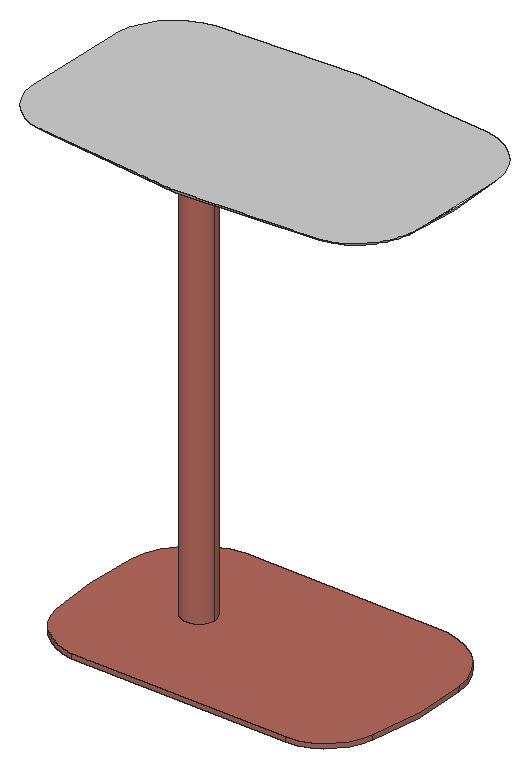
Revit family "Haworth_Pip_Table_EU_PRELIMINARY", category Furniture, Revit 2018
Family settings
  OmniClass Number = 23.40.20.00
  OmniClass Title = General Furniture and Specialties
  Work Plane-Based = No
  Always vertical = Yes
  Cut with Voids When Loaded = No
  Shared = No
  Room Calculation Point = No
Parameters (values of type "Metal Top")
  Wood Top = no
  Warranty = "http://www.haworth.com/resources/product-info/warranties"
  Version = "1"  # constant formula
  URL - Product = "https://www.haworth.com/eu/en/products/coffee-tables/pip.html"
  URL = "https://www.haworth.com/eu/en.html"
  Table Finish [instance] = Haworth _ Paint _ Putty
  Size = "Verify Final Dim. w/ Haworth"  # constant formula
  Model = "LGTAB01"  # constant formula
  Metal Top = not(Wood Top)  # yes
  Manufacturer = "Haworth"  # constant formula
  Glide Finish = Haworth _ Polymer _ Black
  Description = "Haworth - Pip Table - Low"  # constant formula
  Base Finish [instance] = Haworth _ Paint _ Rusty Red
  Author = "Haworth (Bentzen, Abd Rahman)"  # constant formula
  Assembly Code = "E2020200"
  Actual Width = 54.2 cm  # constant formula
  Actual Height = 66 cm  # constant formula
  Actual Depth = 32.8 cm  # constant formula
Types (3, lengths in cm): name | Wood Top | Metal Top
  (no name) | no | yes
  Wood Top | yes | no
  Metal Top | no | yes
Reference planes (cm)
  plane 1: z = 0
  plane 2 "Center Left/Right": x = -0.5977
  plane 3: x = -27.6977
  plane 4: x = 26.5023
  plane 5: y = 19.685
  plane 6: y = -13.115
  plane 7 "Table top": z = 66
  plane 8: x = -19.1252
  plane 9: x = 17.9298
  plane 10: y = 11.1125
  plane 11: y = -4.5425
  plane 12: z = 64.095
  plane 13: z = 65.1898
  plane 14: z = 64.5029
  plane 15: y = 19.3675
  plane 16: y = 18.0975
  plane 17: y = 3.285
  plane 18: y = -13.0175
  plane 19: y = -11.7475
  plane 20: x = -27.3802
  plane 21: x = -26.1102
  plane 22: x = 25.7548
  plane 23: x = 24.4848
  plane 24: y = -8.9875
  plane 25: y = 15.5575
  plane 26: x = -12.4577
  plane 27: x = -8.0127
  plane 28: x = -10.2352
  plane 29 "base outter1": x = -23.4577
  plane 30 "base outter2": x = 22.2623
  plane 31: z = 0.9525
  plane 32: z = 0.3175
  plane 33: x = -20.455
  plane 34: x = 19.2595
  plane 35: x = -15.375
  plane 36: x = 14.1795
  plane 37 "base outter back": y = 16.62
  plane 38 "base otter front": y = -10.05
  plane 39: y = -8.67
  plane 40: x = -14.9977
  plane 41: x = -14.5677
  plane 42: y = -7.6891
  plane 43: y = 17.9907
  plane 44: y = 17.6702
  plane 45: x = -20.6668
  plane 46: y = -11.6407
  plane 47: y = -11.3202
  plane 48: x = -20.6668
  plane 49: x = -26.3735
  plane 50: x = -26.056
  plane 51: y = 12.8034
  plane 52: x = -26.3735
  plane 53: x = -26.056
  plane 54: y = -6.4534
  plane 55: x = 25.1781
  plane 56: x = 24.8606
  plane 57: y = 12.8034
  plane 58: x = 25.1781
  plane 59: x = 24.8606
  plane 60: y = -6.4534
  plane 61: y = 17.9907
  plane 62: y = 17.6702
  plane 63: x = 19.4714
  plane 64: y = -11.6407
  plane 65: y = -11.3202
  plane 66: x = 19.4714
  plane 67: z = 64.2219
  plane 68: x = -39.3814
  plane 69: z = 64.3489
  plane 70: x = -25.581
  plane 71: x = -24.741
  plane 72: y = 16.301
  plane 73: y = 17.9983
  plane 74: x = -20.1537
  plane 75: x = -19.3137
  plane 76: y = 10.8737
  plane 77: y = 12.571
Forms (cm)
  Blend 1, solid, material "Haworth _ Paint _ Putty" <- "Table Finish"
    base sketch origin (0, 0, 0) x (1, 0, 0) y (0, 1, 0)
      loop
        arc (-19.2237, 17.9754) -> (-24.5763, 15.1949) -> (-27.176, 9.7521) r 9.5
        arc (-27.176, 9.7521) -> (-27.5716, 2.9471) -> (-27.0891, -3.8523) r 52.9058
        arc (-27.0891, -3.8523) -> (-24.7628, -8.6292) -> (-20.0545, -11.0916) r 8.5
        arc (-20.0545, -11.0916) -> (-0.8159, -12.6904) -> (18.4285, -11.162) r 119.173
        arc (18.4285, -11.162) -> (23.1486, -8.714) -> (25.4906, -3.9405) r 8.5
        arc (25.4906, -3.9405) -> (25.9896, 3.4955) -> (25.431, 10.9273) r 52.5185
        arc (25.431, 10.9273) -> (23.1389, 15.5298) -> (18.5703, 17.8889) r 8.2717
        arc (18.5703, 17.8889) -> (-0.3232, 19.4314) -> (-19.2237, 17.9754) r 119.8434
    top sketch origin (0, 0, 0) x (1, 0, 0) y (0, 1, 0)
      loop
        arc (-20.0622, 18.6472) -> (-25.2383, 16.0214) -> (-27.6635, 10.7484) r 8.8236
        arc (-27.6635, 10.7484) -> (-28.021, 2.92) -> (-27.5901, -4.9048) r 77.9065
        arc (-27.5901, -4.9048) -> (-25.3864, -9.6239) -> (-20.7447, -11.9864) r 8
        arc (-20.7447, -11.9864) -> (-0.8715, -13.3908) -> (19.0068, -12.0613) r 145.1792
        arc (19.0068, -12.0613) -> (23.9777, -9.5393) -> (26.3173, -4.4801) r 8.5
        arc (26.3173, -4.4801) -> (26.702, 3.0601) -> (26.3605, 10.6024) r 78.4947
        arc (26.3605, 10.6024) -> (23.8866, 16.0019) -> (18.5877, 18.6846) r 9
        arc (18.5877, 18.6846) -> (-0.7385, 19.9564) -> (-20.0622, 18.6472) r 145.3407
    from 65.1898 to 66
  Blend 2, solid, material "Haworth _ Paint _ Putty" <- "Table Finish"
    base sketch origin (0, 0, 0) x (1, 0, 0) y (0, 1, 0)
      loop
        arc (-15.4698, 11.7837) -> (-18.7576, 10.1672) -> (-20.3006, 6.8444) r 5.5
        arc (-20.3006, 6.8444) -> (-20.4699, 3.4232) -> (-20.3259, 0.0008) r 37.4424
        arc (-20.3259, 0.0008) -> (-18.6709, -3.6348) -> (-15.1002, -5.4257) r 6
        arc (-15.1002, -5.4257) -> (-0.3924, -6.3415) -> (14.3132, -5.3916) r 116.3963
        arc (14.3132, -5.3916) -> (17.5528, -3.773) -> (19.0839, -0.4911) r 5.5
        arc (19.0839, -0.4911) -> (19.2746, 3.1898) -> (19.1026, 6.8717) r 37.4424
        arc (19.1026, 6.8717) -> (17.5554, 10.1951) -> (14.2633, 11.808) r 5.5
        arc (14.2633, 11.808) -> (-0.604, 12.6636) -> (-15.4698, 11.7837) r 127.7886
    top sketch origin (0, 0, 0) x (1, 0, 0) y (0, 1, 0)
      loop
        arc (-18.7817, 16.7902) -> (-23.1142, 14.6449) -> (-25.4198, 10.3956) r 8
        arc (-25.4198, 10.3956) -> (-26.0979, 3.285) -> (-25.4198, -3.8256) r 37.6178
        arc (-25.4198, -3.8256) -> (-23.1142, -8.0749) -> (-18.7817, -10.2202) r 8
        arc (-18.7817, -10.2202) -> (-0.5023, -11.6122) -> (17.7749, -10.191) r 119.4631
        arc (17.7749, -10.191) -> (21.9544, -8.1188) -> (24.1859, -4.0222) r 7.7461
        arc (24.1859, -4.0222) -> (24.8944, 3.285) -> (24.1859, 10.5922) r 38.0397
        arc (24.1859, 10.5922) -> (21.9544, 14.6888) -> (17.7749, 16.761) r 7.7461
        arc (17.7749, 16.761) -> (-0.5023, 18.1822) -> (-18.7817, 16.7902) r 119.4631
    from 64.135 to 64.5429
  Extrusion 3, solid, material "Haworth _ Paint _ Rusty Red" <- "Base Finish"
    sketch origin (0, 0, 0) x (1, 0, 0) y (0, 1, 0)
      loop
        circle (-10.2352, 3.285) r 2.2225
    from 0.9525 to 64.095
  Extrusion 4, solid, material "Haworth _ Paint _ Rusty Red" <- "Base Finish"
    sketch origin (0, 0, 0) x (1, 0, 0) y (0, 1, 0)
      loop
        arc (-14.9119, 17.3934) -> (-21.0318, 14.5727) -> (-23.9726, 8.5095) r 10
        arc (-23.9726, 8.5095) -> (-24.2083, 1.3914) -> (-23.3799, -5.6823) r 47.6299
        arc (-23.3799, -5.6823) -> (-20.6828, -10.4178) -> (-15.6641, -12.542) r 8.5
        arc (-15.6641, -12.542) -> (-0.4069, -13.0897) -> (14.8477, -12.4723) r 200.0342
        arc (14.8477, -12.4723) -> (19.5264, -10.4832) -> (22.0618, -6.0765) r 8
        arc (22.0618, -6.0765) -> (22.9499, 1.1653) -> (22.7208, 8.4577) r 47.5983
        arc (22.7208, 8.4577) -> (19.8077, 14.4836) -> (13.7412, 17.3111) r 9.9737
        arc (13.7412, 17.3111) -> (-0.5835, 18.0052) -> (-14.9119, 17.3934) r 157.4899
    from 0.3175 to 0.9525
  Extrusion 5, solid, material "Haworth _ Polymer _ Black" <- "Glide Finish"
    sketch origin (0, 0, 0) x (1, 0, 0) y (0, 1, 0)
      loop
        circle (-17.5589, -4.8929) r 2.54
      loop
        circle (16.3635, -4.8929) r 2.54
      loop
        circle (-17.5589, 11.4629) r 2.54
      loop
        circle (16.3635, 11.4629) r 2.54
    from 0 to 0.3175
  Extrusion 6, solid, material "Haworth _ Paint _ Rusty Red" <- "Base Finish", visible <- "Wood Top"
    sketch origin (0, 0, 0) x (1, 0, 0) y (0, 1, 0)
      loop
        arc (-14.8841, 6.8181) -> (-15.183, 6.6712) -> (-15.3233, 6.3691) r 0.5
        arc (-15.3233, 6.3691) -> (-15.47, 3.4047) -> (-15.3452, 0.4394) r 32.4424
        arc (-15.3452, 0.4394) -> (-15.0693, -0.1666) -> (-14.4742, -0.4651) r 1
        arc (-14.4742, -0.4651) -> (-0.3982, -1.3415) -> (13.6756, -0.4324) r 111.3963
        arc (13.6756, -0.4324) -> (13.9702, -0.2852) -> (14.1093, 0.0131) r 0.5
        arc (14.1093, 0.0131) -> (14.2747, 3.2025) -> (14.1256, 6.3927) r 32.4424
        arc (14.1256, 6.3927) -> (13.9849, 6.6949) -> (13.6856, 6.8415) r 0.5
        arc (13.6856, 6.8415) -> (-0.5999, 7.6636) -> (-14.8841, 6.8181) r 122.7886
    from 64.095 to 64.135
Lines and regions (cm)
  Masking region 1
    outline origin (0, 0, 0) x (1, 0, 0) y (0, 1, 0)
      loop
        arc (18.5877, 18.6846) -> (-0.7385, 19.9564) -> (-20.0622, 18.6472) r 145.3407
        arc (-20.0622, 18.6472) -> (-25.2383, 16.0214) -> (-27.6635, 10.7484) r 8.8236
        arc (-27.6635, 10.7484) -> (-28.021, 2.92) -> (-27.5901, -4.9048) r 77.9065
        arc (-27.5901, -4.9048) -> (-25.3864, -9.6239) -> (-20.7447, -11.9864) r 8
        arc (-20.7447, -11.9864) -> (-0.8715, -13.3908) -> (19.0068, -12.0613) r 145.1792
        arc (19.0068, -12.0613) -> (23.9777, -9.5393) -> (26.3173, -4.4801) r 8.5
        arc (26.3173, -4.4801) -> (26.702, 3.0601) -> (26.3605, 10.6024) r 78.4947
        arc (26.3605, 10.6024) -> (23.8866, 16.0019) -> (18.5877, 18.6846) r 9
Dimensions and locks (cm)
  "Actual Width": plane 3 to plane 4
  "Actual Depth": plane 5 to plane 6
  "Actual Height": plane 7 "Table top" to plane 1
  plane 8 to plane 3 = 8.5725 cm
  plane 4 to plane 9 = 8.5725 cm
  plane 5 to plane 10 = 8.5725 cm
  plane 11 to plane 6 = 8.5725 cm
  plane 7 "Table top" to plane 12 = 1.905 cm
  plane 5 to plane 15 = 0.3175 cm
  plane 15 to plane 16 = 1.27 cm
  equal spacing: plane 5, plane 17, plane 6
  plane 3 to plane 20 = 0.3175 cm
  plane 20 to plane 21 = 1.27 cm
  equal spacing: plane 3, plane 2 "Center Left/Right", plane 4
  plane 24 to plane 6 = 4.1275 cm
  plane 3 to plane 26 = 15.24 cm
  plane 26 to plane 27 = 4.445 cm
  equal spacing: plane 26, plane 28, plane 27
  locked: plane 30 "base outter2" to plane 29 "base outter1" at 45.72
  plane 30 "base outter2" to plane 29 "base outter1" = 45.72 cm
  plane 32 to plane 1 = 0.3175 cm
  plane 31 to plane 32 = 0.635 cm
  plane 33 to plane 29 "base outter1" = 3.0027 cm
  plane 35 to plane 33 = 5.08 cm
  plane 36 to plane 34 = 5.08 cm
  plane 17 to plane 37 "base outter back" = 13.335 cm
  plane 17 to plane 38 "base otter front" = 13.335 cm
  plane 29 "base outter1" to plane 30 "base outter2" = 45.72 cm
  plane 39 to plane 6 = 4.445 cm
  plane 3 to plane 40 = 12.7 cm
  plane 69 to plane 12 = 0.2539 cm
  plane 13 to plane 14 = 0.6869 cm
  plane 7 "Table top" to plane 13 = 0.8102 cm
  plane 21 to plane 71 = 1.3692 cm
  plane 44 to plane 72 = 1.3692 cm
  plane 73 to plane 15 = 1.3692 cm
  plane 70 to plane 74 = 5.4273 cm
  plane 71 to plane 75 = 5.4273 cm
  plane 72 to plane 76 = 5.4273 cm
  plane 73 to plane 77 = 5.4273 cm
  aligned and locked: level to plane 1
  aligned and locked: plane 7 "Table top" to Blend 1
  aligned and locked: Blend 1 to plane 13
  aligned and locked: plane 12 to Extrusion 3
Automatic sketch dimensions
  plane 17 to Extrusion 3 sketch curve = 0 cm
  Extrusion 3 sketch curve to plane 28 = 0 cm
  Extrusion 5 sketch curve to plane 10 = 0.3504 cm  (x2)
  Extrusion 5 sketch curve to plane 8 = 1.5663 cm  (x2)
  plane 11 to Extrusion 5 sketch curve = 0.3504 cm  (x2)
  Extrusion 5 sketch curve to plane 9 = 1.5663 cm  (x2)
  Extrusion 4 sketch curve to plane 17 = 0.0361 cm
  plane 71 to Extrusion 4 sketch curve = 0.1415 cm
  Extrusion 4 sketch curve to plane 40 = 0.0374 cm
  plane 41 to Extrusion 4 sketch curve = 0.5369 cm
  Extrusion 4 sketch curve to plane 2 "Center Left/Right" = 0.4382 cm
  Extrusion 4 sketch curve to plane 2 "Center Left/Right" = 0.2659 cm
  plane 36 to Extrusion 4 sketch curve = 1.3742 cm
  Extrusion 4 sketch curve to plane 36 = 0.0398 cm
  Extrusion 4 sketch curve to plane 17 = 0.0937 cm
  Extrusion 4 sketch curve to plane 23 = 1.1047 cm
  Extrusion 4 sketch curve to plane 11 = 0.4772 cm
  Extrusion 4 sketch curve to plane 11 = 0.0455 cm
  Extrusion 4 sketch curve to plane 6 = 126.3691 cm
  plane 10 to Extrusion 4 sketch curve = 3.7311 cm
  plane 10 to Extrusion 4 sketch curve = 3.6802 cm
  plane 5 to Extrusion 4 sketch curve = 167.2589 cm
  Extrusion 4 sketch curve to plane 29 "base outter1" = 0.5149 cm
  Extrusion 4 sketch curve to Extrusion 4 sketch curve = 0 cm  (x7)
  plane 17 to Blend 2 sketch curve = 0 cm  (x4)
  Blend 2 sketch curve to plane 8 = 0.9576 cm
  plane 40 to Blend 2 sketch curve = 0.1722 cm
  plane 41 to Blend 2 sketch curve = 0.2187 cm
  plane 2 "Center Left/Right" to Blend 2 sketch curve = 0.0701 cm
  plane 2 "Center Left/Right" to Blend 2 sketch curve = 0.0981 cm
  plane 36 to Blend 2 sketch curve = 0.5676 cm
  plane 36 to Blend 2 sketch curve = 0.5517 cm
  Blend 2 sketch curve to plane 9 = 0.9576 cm
  plane 17 to Blend 2 sketch curve = 2.7579 cm
  plane 17 to Blend 2 sketch curve = 3.2215 cm
  Blend 2 sketch curve to plane 6 = 102.0099 cm
  Blend 2 sketch curve to plane 17 = 3.0366 cm
  Blend 2 sketch curve to plane 17 = 3.0598 cm
  plane 5 to Blend 2 sketch curve = 90.3697 cm
  Blend 2 sketch curve to Blend 2 sketch curve = 0 cm  (x12)
  Blend 2 sketch curve to plane 74 = 0.1469 cm
  Blend 2 sketch curve to plane 2 "Center Left/Right" = 0 cm  (x2)
  Blend 2 sketch curve to plane 26 = 0.6876 cm
  Blend 2 sketch curve to plane 8 = 1.5612 cm  (x2)
  plane 36 to Blend 2 sketch curve = 2.6597 cm
  Blend 2 sketch curve to plane 9 = 1.3462 cm  (x2)
  Blend 2 sketch curve to plane 11 = 2.2291 cm
  Blend 2 sketch curve to plane 11 = 2.0054 cm
  Blend 2 sketch curve to plane 6 = 88.1659 cm
  plane 10 to Blend 2 sketch curve = 2.2291 cm
  Blend 2 sketch curve to plane 76 = 1.7667 cm
  plane 5 to Blend 2 sketch curve = 88.1659 cm
  plane 37 "base outter back" to Blend 2 sketch curve = 0.1702 cm
  plane 38 "base otter front" to Blend 2 sketch curve = 0.1702 cm
  Blend 2 sketch curve to plane 76 = 0.2815 cm
  plane 17 to Blend 1 sketch curve = 0 cm  (x4)
  Blend 1 sketch curve to plane 2 "Center Left/Right" = 0 cm  (x4)
  Blend 1 sketch curve to plane 8 = 1.378 cm
  Blend 1 sketch curve to plane 49 = 0.155 cm
  Blend 1 sketch curve to plane 9 = 0.8583 cm
  Blend 1 sketch curve to plane 9 = 0.6824 cm
  Blend 1 sketch curve to plane 55 = 0.155 cm
  Blend 1 sketch curve to plane 11 = 1.8369 cm
  Blend 1 sketch curve to plane 11 = 1.7715 cm
  Blend 1 sketch curve to plane 6 = 87.2967 cm
  plane 10 to Blend 1 sketch curve = 2.5216 cm
  plane 10 to Blend 1 sketch curve = 1.3889 cm
  plane 43 to Blend 1 sketch curve = 0.0153 cm
  Blend 1 sketch curve to Blend 1 sketch curve = 0 cm  (x12)
  plane 74 to Blend 1 sketch curve = 0.0992 cm
  Blend 1 sketch curve to plane 8 = 0.4584 cm
  plane 5 to Blend 1 sketch curve = 86.7974 cm
  Blend 1 sketch curve to plane 8 = 0.2447 cm
  Blend 1 sketch curve to plane 75 = 0.3207 cm
  plane 68 to Blend 1 sketch curve = 12.4109 cm
  Blend 1 sketch curve to plane 9 = 0.5301 cm
  Blend 1 sketch curve to plane 9 = 0.0708 cm
  plane 4 to Blend 1 sketch curve = 23.3824 cm
  Blend 1 sketch curve to plane 11 = 0.9033 cm
  Blend 1 sketch curve to plane 11 = 0.4787 cm
  Blend 1 sketch curve to plane 6 = 112.2693 cm
  plane 10 to Blend 1 sketch curve = 1.3491 cm
  plane 10 to Blend 1 sketch curve = 1.2094 cm
  plane 74 to Blend 1 sketch curve = 0.0916 cm
  Blend 1 sketch curve to plane 45 = 0.0779 cm
  plane 5 to Blend 1 sketch curve = 112.1031 cm
  Masking region 1 sketch curve to plane 2 "Center Left/Right" = 0 cm
  Masking region 1 sketch curve to plane 8 = 0.2447 cm
  Masking region 1 sketch curve to plane 6 = 112.2693 cm
  Masking region 1 sketch curve to plane 76 = 0.9706 cm
  plane 74 to Masking region 1 sketch curve = 0.0916 cm
  Masking region 1 sketch curve to Masking region 1 sketch curve = 0 cm  (x6)
  plane 3 to Masking region 1 sketch curve = 0.0342 cm
  Masking region 1 sketch curve to plane 16 = 0.5871 cm
  plane 17 to Masking region 1 sketch curve = 0 cm  (x2)
  plane 3 to Masking region 1 sketch curve = 0.1076 cm
  Masking region 1 sketch curve to plane 75 = 0.3207 cm
  Masking region 1 sketch curve to plane 45 = 0.0779 cm
  plane 68 to Masking region 1 sketch curve = 12.4109 cm
  Masking region 1 sketch curve to plane 9 = 0.5301 cm
  Masking region 1 sketch curve to plane 11 = 0.0624 cm
  Masking region 1 sketch curve to plane 4 = 0.185 cm
  Masking region 1 sketch curve to plane 9 = 0.0708 cm
  plane 34 to Masking region 1 sketch curve = 0.2527 cm
  plane 17 to Extrusion 6 sketch curve = 0 cm  (x2)
  Extrusion 6 sketch curve to plane 8 = 0.9576 cm
  plane 40 to Extrusion 6 sketch curve = 0.1722 cm
  plane 41 to Extrusion 6 sketch curve = 0.2187 cm
  plane 2 "Center Left/Right" to Extrusion 6 sketch curve = 0.0701 cm
  plane 2 "Center Left/Right" to Extrusion 6 sketch curve = 0.0981 cm
  plane 36 to Extrusion 6 sketch curve = 0.5676 cm
  plane 36 to Extrusion 6 sketch curve = 0.5517 cm
  Extrusion 6 sketch curve to plane 9 = 0.9576 cm
  Extrusion 6 sketch curve to plane 6 = 102.0099 cm
  plane 17 to Extrusion 6 sketch curve = 3.2215 cm
  plane 17 to Extrusion 6 sketch curve = 2.7579 cm
  Extrusion 6 sketch curve to plane 17 = 3.0366 cm
  Extrusion 6 sketch curve to plane 17 = 3.0598 cm
  plane 5 to Extrusion 6 sketch curve = 90.3697 cm
  plane 35 to Extrusion 6 sketch curve = 0.0298 cm
  Extrusion 6 sketch curve to Extrusion 6 sketch curve = 0 cm  (x7)
  radius of Extrusion 3 sketch curve = 2.2225 cm
  radius of Extrusion 5 sketch curve = 2.54 cm  (x4)
